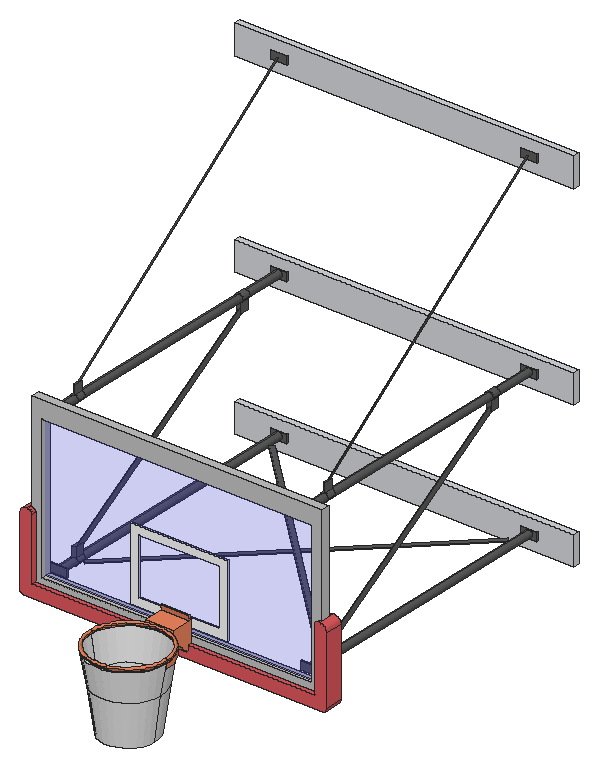
Revit family "Gymnasium-Eqpt_Basketball_IPIbyBison_IP10WB", category Specialty Equipment, Revit 2024
Family settings
  Round Connector Dimension = Use Diameter
  Part Type = Normal
  Work Plane-Based = Yes
  Enable Cutting in Views = No
  Always vertical = No
  Cut with Voids When Loaded = No
  Maintain Annotation Orientation = No
  Shared = No
  Room Calculation Point = No
Parameters (values of type "Wall Mounted Stationary")
  wall distance text = "1 to 10 ft from Wall"
  cablecontrol [instance] = 0' - 8"  # constant formula
  Warranty Duration (Years) = 0
  Unit Width = 7' - 0"
  Unit Height [instance] = Stringer Height_First + 0' 2"  # 10' - 0"
  Unit Depth = 2' - 8"
  URL = "https://ipibybison.com/"
  Stringer Wood [instance] = none
  Stringer Height_Third [instance] = 4' - 0"
  Stringer Height_Second [instance] = 3' - 0"
  Stringer Height_First [instance] = 9' - 10"
  Specification = ""
  SpecWizard = ""
  Send Message = ""
  Sales Information = "https://ipibybison.com/ArchitectsPage.php"
  Rim Color [instance] = Plastic - IPI by Bison - Orange OR
  Revision = "R1_01-2018"
  Range of Wall Distance [instance] = wall distance text  # "1 to 10 ft from Wall"
  Product Properties = ""
  Product Data = "http://www.arcat.com/arcatcos/cos49/arc49571.html"
  Net Color [instance] = Finish - IPI by Bison - White Netting
  Model = "IP10WB"
  Manufacturer Website = "https://ipibybison.com/"
  Manufacturer Phone - Toll Free = "800-637-7968"
  Manufacturer Phone = ""
  Manufacturer Fax = "800-638-0698"
  Manufacturer Address = "603 L St  Lincoln, NE 68508"
  Manufacturer = "IPI by Bison"
  Maintenance Schedule (Months) = 0
  Keynote = ""
  Installation-Fabrication = ""
  Installation Phase = ""
  Green Building-LEED = ""
  Glass [instance] = Glass
  Frame Finish [instance] = Finish - IPI by Bison - Black
  ExtReinforce [instance] = Backboard Distance from Wall > 2' 0"  # yes
  Expected Lifespan (Years) = 0
  Drawn By = "Sumex Design, Inc. / Robert S. Weygant, CSI, CDT, SCIP"
  Description = "IPI by Bison Wall Mounted Fixed Basketball Backboard - IP10WB as Specified"
  Default Elevation = 0' - 0"
  Copyright = "©Arcat Inc."
  Construction Details = ""
  Backboard Square Color [instance] = Finish - IPI by Bison - White
  Backboard Padding Color [instance] = Plastic - IPI by Bison - Scarlet SC
  Backboard Distance from Wall [instance] = 6' - 0"
  Backboard Color [instance] = Finish - IPI by Bison - Satin Aluminum
  Assembly Code = ""
Reference planes (in)
  plane 1 "Center (Front/Back)": y = 0
  plane 2 "Bottom": z = 0
  plane 3 "Center (Left/Right)": x = 0
  plane 4 "Left": x = -42
  plane 5 "Right": x = 42
  plane 6 "Top": z = 120
  plane 7: y = -72
  plane 8: y = -59.5813
  plane 9: z = 118
  plane 10: z = 154
  plane 11: z = 202
  plane 12: x = -31.00488
  plane 13: x = 31.00488
  plane 14: y = -69.5
  plane 15: y = -64
  plane 16: y = -6
Forms (in)
  Extrusion 1, solid, material <- "Stringer Wood"
    sketch origin (0, 0, 0) x (0, 1, 0) y (0, 0, 1)
      loop
        line (0, 198.375) -> (0, 205.625) -> (-1.5, 205.625) -> (-1.5, 198.375) -> (0, 198.375)
      loop
        line (0, 150.375) -> (0, 157.625) -> (-1.5, 157.625) -> (-1.5, 150.375) -> (0, 150.375)
      loop
        line (0, 114.375) -> (0, 121.625) -> (-1.5, 121.625) -> (-1.5, 114.375) -> (0, 114.375)
    from -42 to 42
  Extrusion 2, solid, material "Finish - IPI by Bison - Black" <- "Frame Finish"
    sketch origin (-31.00488, -180, 220.71867) x (0, 0, 1) y (0, -1, 0)
      loop
        line (-67.71867, -110.25) -> (-67.71867, -110.5) -> (-65.71867, -110.5) -> (-65.71867, -110.25) -> (-67.71867, -110.25)
      loop
        line (-101.71867, -110.25) -> (-103.71867, -110.25) -> (-103.71867, -110.5) -> (-101.71867, -110.5) -> (-101.71867, -110.25)
      loop
        line (-67.71867, -178.5) -> (-65.71867, -178.5) -> (-65.71867, -178.25) -> (-67.71867, -178.25) -> (-67.71867, -178.5)
      loop
        line (-103.71867, -178.5) -> (-101.71867, -178.5) -> (-101.71867, -178.25) -> (-103.71867, -178.25) -> (-103.71867, -178.5)
      loop
        line (-19.71867, -178.5) -> (-17.71867, -178.5) -> (-17.71867, -178.25) -> (-19.71867, -178.25) -> (-19.71867, -178.5)
    from 2 to -2
  Extrusion 3, solid, material "Finish - IPI by Bison - Black" <- "Frame Finish"
    sketch origin (31.00488, -180, 220.71867) x (0, 0, 1) y (0, -1, 0)
      loop
        line (-65.71867, -110.25) -> (-67.71867, -110.25) -> (-67.71867, -110.5) -> (-65.71867, -110.5) -> (-65.71867, -110.25)
      loop
        line (-103.71867, -110.25) -> (-103.71867, -110.5) -> (-101.71867, -110.5) -> (-101.71867, -110.25) -> (-103.71867, -110.25)
      loop
        line (-103.71867, -178.25) -> (-103.71867, -178.5) -> (-101.71867, -178.5) -> (-101.71867, -178.25) -> (-103.71867, -178.25)
      loop
        line (-67.71867, -178.25) -> (-67.71867, -178.5) -> (-65.71867, -178.5) -> (-65.71867, -178.25) -> (-67.71867, -178.25)
      loop
        line (-19.71867, -178.25) -> (-19.71867, -178.5) -> (-17.71867, -178.5) -> (-17.71867, -178.25) -> (-19.71867, -178.25)
    from 2 to -2
  Extrusion 4, solid, material "Finish - IPI by Bison - Black" <- "Frame Finish"
    sketch origin (31.00488, -1.75, 153) x (0, 0, 1) y (-1, 0, 0)
      loop
        circle (1, 62.00977) r 0.875
      loop
        circle (-35, 62.00977) r 0.875
      loop
        circle (1, 0) r 0.875
      loop
        circle (-35, 0) r 0.875
    from 0 to 67.75
  Extrusion 5, solid, material "Finish - IPI by Bison - Black" <- "Frame Finish"
    sketch origin (0, -64, 159.04229) x (0, 0, 1) y (1, 0, 0)
      loop
        line (-4.05404, 30.85203) -> (-1.80404, 30.85203) -> (-1.80404, 31.15773) -> (-4.05404, 31.15773)
        arc (-4.05404, 31.15773) -> (-6.04229, 31.00488) -> (-4.05404, 30.85203) r 1
      loop
        arc (-4.05404, -30.85203) -> (-6.04229, -31.00488) -> (-4.05404, -31.15773) r 1
        line (-4.05404, -31.15773) -> (-1.80404, -31.15773) -> (-1.80404, -30.85203) -> (-4.05404, -30.85203)
    from 1 to -1
  Sweep 6, solid, material "Finish - IPI by Bison - Black" <- "Frame Finish"
    path origin (0, 0, 0) x (0, 1, 0) y (0, 0, 1)
      loop
        line (-64, 156.75) -> (-2.09969, 202)
    profile origin (0, -33.04984, 179.375) x (0, -0.590145, 0.807297) y (1, 0, 0)
      loop
        circle (0, -31.00488) r 0.125
      loop
        circle (0, 31.00488) r 0.125
  Extrusion 7, solid, material "Finish - IPI by Bison - Black" <- "Frame Finish", visible <- "ExtReinforce"
    sketch origin (0, -64, 159.04229) x (0, 0, 1) y (1, 0, 0)
      loop
        arc (-40.23514, -30.41453) -> (-42.04229, -31.00488) -> (-40.23514, -31.59523) r 1
        line (-40.23514, -31.59523) -> (-37.80404, -31.59523) -> (-37.80404, -30.41453) -> (-40.23514, -30.41453)
      loop
        line (-40.23514, 30.41453) -> (-37.80404, 30.41453) -> (-37.80404, 31.59523) -> (-40.23514, 31.59523)
        arc (-40.23514, 31.59523) -> (-42.04229, 31.00488) -> (-40.23514, 30.41453) r 1
    from 1 to -1
  Extrusion 8, solid, material "Finish - IPI by Bison - Black" <- "Frame Finish", visible <- "ExtReinforce"
    sketch origin (0, 0, 0) x (1, 0, 0) y (0, 0, 1)
      loop
        line (30.41453, 153.19285) -> (30.41453, 150.76175) -> (31.59523, 150.76175) -> (31.59523, 153.19285)
        arc (31.59523, 153.19285) -> (31.00488, 155) -> (30.41453, 153.19285) r 1
      loop
        arc (-30.41453, 153.19285) -> (-31.00488, 155) -> (-31.59523, 153.19285) r 1
        line (-31.59523, 153.19285) -> (-31.59523, 150.76175) -> (-30.41453, 150.76175) -> (-30.41453, 153.19285)
    from 14 to 12
  Sweep 9, solid, material "Finish - IPI by Bison - Black" <- "Frame Finish", visible <- "ExtReinforce"
    path origin (0, 0, 0) x (0, 1, 0) y (0, 0, 1)
      loop
        line (-64, 120.25) -> (-13.02507, 151.44784)
    profile origin (0, -38.51254, 135.84892) x (0, -0.522016, 0.852935) y (1, 0, 0)
      loop
        line (-0.625, 31.13152) -> (-0.625, 30.88152) -> (0.625, 30.88152) -> (0.625, 31.13152) -> (-0.625, 31.13152)
      loop
        line (-0.625, -31.13152) -> (0.625, -31.13152) -> (0.625, -30.88152) -> (-0.625, -30.88152) -> (-0.625, -31.13152)
  Sweep 10, solid, material "Finish - IPI by Bison - Black" <- "Frame Finish", visible <- "ExtReinforce"
    path origin (0, 0, 0) x (1, 0, 0) y (0, 1, 0)
      loop
        line (-29.25488, -6) -> (29.256, -64)
    profile origin (0.00056, -35, 0) x (0.703999, 0.710201, 0) y (0, 0, 1)
      loop
        line (-0.625, 118) -> (0.625, 118) -> (0.625, 118.25) -> (-0.625, 118.25) -> (-0.625, 118)
  Sweep 11, solid, material "Finish - IPI by Bison - Black" <- "Frame Finish", visible <- "ExtReinforce"
    path origin (0, 0, 0) x (-1, 0, 0) y (0, 1, 0)
      loop
        line (-29.25488, -6) -> (29.256, -64)
    profile origin (-0.00056, -35, 0) x (0.703999, -0.710201, 0) y (0, 0, 1)
      loop
        line (-0.65618, 118) -> (-0.65618, 117.75) -> (0.59382, 117.75) -> (0.59382, 118) -> (-0.65618, 118)
Dimensions and locks (in)
  equal spacing: plane 4 "Left", plane 3 "Center (Left/Right)", plane 5 "Right"
  "Unit Width": plane 4 "Left" to plane 5 "Right"
  "Unit Height": plane 6 "Top" to level
  locked: plane 7 to plane 8 at 12.4187
  "Backboard Distance from Wall": plane 7 to plane 1 "Center (Front/Back)"
  "Stringer Height_First": plane 9 to level
  "Stringer Height_Second": plane 10 to plane 9
  "Stringer Height_Third": plane 11 to plane 10
  Extrusion 1 sketch curve to plane 9 to Extrusion 1 sketch curve = 0' - 3 5/8" locked, 0' - 3 5/8" locked
  Extrusion 1 sketch curve to plane 10 to Extrusion 1 sketch curve = 0' - 3 5/8" locked, 0' - 3 5/8" locked
  Extrusion 1 sketch curve to plane 11 to Extrusion 1 sketch curve = 0' - 3 5/8" locked, 0' - 3 5/8" locked
  Extrusion 2 sketch curve to plane 10 to Extrusion 2 sketch curve = 0' - 1" locked, 0' - 1" locked  (x2)
  plane 7 to Extrusion 2 sketch curve to Extrusion 2 sketch curve = 0' - 2 1/4" locked, 0' - 0 1/4" locked  (x2)
  Extrusion 2 sketch curve to plane 9 to Extrusion 2 sketch curve = 0' - 1" locked, 0' - 1" locked  (x2)
  Extrusion 2 sketch curve to plane 11 to Extrusion 2 sketch curve = 0' - 1" locked, 0' - 1" locked
  equal spacing: plane 13, plane 3 "Center (Left/Right)", plane 12
  locked: plane 13 to plane 12 at 62.00977
  locked: Extrusion 3 sketch curve to Extrusion 3 sketch curve at 0.25  (x5)
  Extrusion 3 sketch curve to plane 10 to Extrusion 3 sketch curve = 0' - 1" locked, 0' - 1" locked  (x2)
  Extrusion 3 sketch curve to plane 9 to Extrusion 3 sketch curve = 0' - 1" locked, 0' - 1" locked  (x2)
  locked: plane 7 to Extrusion 3 sketch curve at 2.25  (x2)
  Extrusion 3 sketch curve to plane 11 to Extrusion 3 sketch curve = 0' - 1" locked, 0' - 1" locked
  locked: Extrusion 4 sketch curve to plane 12 at 0
  locked: Extrusion 4 sketch curve to plane 10 at 0
  locked: plane 12 to Extrusion 4 sketch curve at 0
  locked: plane 9 to Extrusion 4 sketch curve at 0  (x2)
  locked: plane 13 to Extrusion 4 sketch curve at 0
  locked: Extrusion 4 sketch curve to plane 13 at 0
  locked: plane 10 to Extrusion 4 sketch curve at 0
  locked: plane 7 to plane 14 at 2.5
  "cablecontrol": plane 7 to plane 15
  Extrusion 5 sketch curve to plane 13 to Extrusion 5 sketch curve to Extrusion 5 sketch curve = 0' - 0.15285" locked, 0' - 0" locked, 0' - 0.15285" locked
  Extrusion 5 sketch curve to plane 12 to Extrusion 5 sketch curve to Extrusion 5 sketch curve = 0' - 0.15285" locked, 0' - 0" locked, 0' - 0.15285" locked
  Extrusion 5 sketch curve to plane 10 to Extrusion 5 sketch curve = 0' - 3.23825" locked, 0' - 0" locked  (x2)
  locked: Sweep 6 sketch curve to plane 1 "Center (Front/Back)" at 2.09969
  locked: plane 11 to Sweep 6 sketch curve at 0
  locked: Sweep 6 sketch curve to plane 10 at 2.75
  locked: plane 15 to Sweep 6 sketch curve
  Extrusion 7 sketch curve to plane 9 to Extrusion 7 sketch curve = 0' - 3.23825" locked, 0' - 0" locked  (x2)
  Extrusion 7 sketch curve to plane 12 to Extrusion 7 sketch curve to Extrusion 7 sketch curve = 0' - 0.59035" locked, 0' - 0" locked, 0' - 0.59035" locked
  Extrusion 7 sketch curve to plane 13 to Extrusion 7 sketch curve to Extrusion 7 sketch curve = 0' - 0.59035" locked, 0' - 0" locked, 0' - 0.59035" locked
  plane 10 to Extrusion 8 sketch curve to Extrusion 8 sketch curve = 0' - 0" locked, 0' - 3.23825" locked  (x2)
  locked: plane 10 to Sweep 9 sketch curve at 2.55216
  locked: Sweep 9 sketch curve to plane 1 "Center (Front/Back)" at 13.02507
  locked: plane 15 to Sweep 9 sketch curve at 0
  locked: Sweep 9 sketch curve to plane 9 at 2.25
  locked: Extrusion 3 sketch curve to plane 1 "Center (Front/Back)" at 1.5
  locked: plane 16 to plane 1 "Center (Front/Back)" at 6
  locked: plane 12 to Sweep 10 sketch curve at 1.75
  locked: Sweep 10 sketch curve to plane 13 at 1.74888
  Sweep 10 sketch curve to plane 9 to Sweep 10 sketch curve = 0' - 0 1/4" locked, 0' - 0" locked
  locked: Sweep 11 sketch curve to plane 13 at 1.75
  locked: plane 12 to Sweep 11 sketch curve at 1.74888
  plane 9 to Sweep 11 sketch curve to Sweep 11 sketch curve = 0' - 0" locked, 0' - 0 1/4" locked
  aligned and locked: nested 1 to plane 8
  aligned and locked: Extrusion 1 to plane 4 "Left"
  aligned and locked: plane 5 "Right" to Extrusion 1
  aligned and locked: plane 14 to Extrusion 4
  aligned and locked: plane 16 to Sweep 10 sketch curve
  aligned and locked: plane 15 to Sweep 10 sketch curve
  aligned and locked: plane 16 to Sweep 11 sketch curve
  aligned and locked: plane 15 to Sweep 11 sketch curve
Automatic sketch dimensions
  plane 10 to Extrusion 5 sketch curve = 0' - 0.98825"  (x2)
  Sweep 6 sketch curve to profile plane = 0' - 0"  (x2)
  Sweep 6 sketch curve to plane 3 "Center (Left/Right)" = 2' - 7.00488"
  plane 3 "Center (Left/Right)" to Sweep 6 sketch curve = 2' - 7.00488"
  plane 9 to Extrusion 7 sketch curve = 0' - 0.80715"  (x2)
  Extrusion 8 sketch curve to plane 12 = 0' - 0"
  Extrusion 8 sketch curve to plane 13 = 0' - 0"
  Extrusion 8 sketch curve to plane 12 = 0' - 0.59035"
  plane 12 to Extrusion 8 sketch curve = 0' - 0.59035"
  Extrusion 8 sketch curve to plane 13 = 0' - 0.59035"
  plane 13 to Extrusion 8 sketch curve = 0' - 0.59035"
  Extrusion 8 sketch curve to plane 10 = 0' - 0.80715"  (x2)
  profile plane to Sweep 9 sketch curve = 0' - 0 5/8"  (x2)
  Sweep 9 sketch curve to profile plane = 0' - 0 5/8"  (x2)
  Sweep 9 sketch curve to plane 3 "Center (Left/Right)" = 2' - 7.13152"
  Sweep 9 sketch curve to Sweep 9 sketch curve = 0' - 0 1/4"  (x2)
  plane 3 "Center (Left/Right)" to Sweep 9 sketch curve = 2' - 6.88152"
  profile plane to Sweep 10 sketch curve = 0' - 0 5/8"
  Sweep 10 sketch curve to profile plane = 0' - 0 5/8"
  Extrusion 1 sketch curve to plane 1 "Center (Front/Back)" = 0' - 0"  (x3)
  plane 1 "Center (Front/Back)" to Extrusion 1 sketch curve = 0' - 1 1/2"  (x3)
  plane 1 "Center (Front/Back)" to Extrusion 2 sketch curve = 0' - 1 3/4"  (x3)
  Extrusion 2 sketch curve to Extrusion 2 sketch curve = 0' - 0 1/4"  (x3)
  plane 1 "Center (Front/Back)" to Extrusion 3 sketch curve = 0' - 1 1/2"  (x2)
  Sweep 11 sketch curve to Sweep 11 sketch curve = 0' - 1 1/4"
  profile plane to Sweep 11 sketch curve = 0' - 0.65618"
  radius of Sweep 6 sketch curve = 0' - 0 1/8"  (x2)
  radius of Extrusion 4 sketch curve = 0' - 0 7/8"  (x4)
Nested families (in)
  nested 1: "Backboard_BA42XLGlass" at (0, -59.5813, 120) x (-1, 0, 0) z (0, 0, 1), backboard color <- "Backboard Color", backboard square color <- "Backboard Square Color", glass <- "Glass", rim finish <- "Rim Color", net color <- "Net Color", height offset <- "Unit Height", padding color <- "Backboard Padding Color", type "Backboard_BA42XLGlass"
    with rim finish Plastic - IPI by Bison - Orange OR, padding color Plastic - IPI by Bison - Scarlet SC, net color Finish - IPI by Bison - White Netting, height offset 10' - 0", glass Glass, frame finish none, backboard square color Finish - IPI by Bison - White, backboard color Finish - IPI by Bison - Satin Aluminum
Definition of nested family "Backboard_BA42XLGlass"
  Parameters (values of type "Backboard_BA42XLGlass")
    padding color [instance] = none
    net color [instance] = none
    rim finish [instance] = none
    height offset [instance] = 9' - 6"
    glass [instance] = none
    frame finish [instance] = none
    backboard square color [instance] = none
    backboard color [instance] = none
    Default Elevation = 4' - 0"
  Reference planes (in)
    plane 1 "Center (Front/Back)": y = 0
    plane 2: z = 0
    plane 3 "Center (Left/Right)": x = 0
    plane 4: z = -114
  Forms (in)
    Extrusion 1, solid, material <- "backboard color"
      sketch origin (-8.43545, 11.2937, 28.94441) x (1, 0, 0) y (0, 0, 1)
        loop
          line (-27.56455, 6.99989) -> (-27.56455, -35.00011) -> (44.43545, -35.00011) -> (44.43545, 6.99989) -> (-27.56455, 6.99989)
        loop
          line (41.81045, 2.74989) -> (-24.93955, 2.74989) -> (-24.93955, -32.37511) -> (41.81045, -32.37511) -> (41.81045, 2.74989)
      from 1.125 to -1.125
    Extrusion 2, solid, material <- "padding color"
      sketch origin (-8.43545, 11.2937, 29.06941) x (1, 0, 0) y (0, 0, 1)
        loop
          line (-27.55038, -17.62511) -> (-27.80038, -17.62511)
          arc (-27.80038, -17.62511) -> (-29.03781, -18.13767) -> (-29.55038, -19.37511) r 1.75
          line (-29.55038, -19.37511) -> (-29.55038, -36.12511)
          arc (-29.55038, -36.12511) -> (-29.25748, -36.83222) -> (-28.55038, -37.12511) r 1
          line (-28.55038, -37.12511) -> (45.44962, -37.12511)
          arc (45.44962, -37.12511) -> (46.15673, -36.83222) -> (46.44962, -36.12511) r 1
          line (46.44962, -36.12511) -> (46.44962, -19.37511)
          arc (46.44962, -19.37511) -> (45.93706, -18.13767) -> (44.69962, -17.62511) r 1.75
          line (44.69962, -17.62511) -> (44.42127, -17.62511)
          arc (44.42127, -17.62511) -> (43.71416, -17.918) -> (43.42127, -18.62511) r 1
          line (43.42127, -18.62511) -> (43.42127, -33.98376) -> (-26.55038, -33.98376) -> (-26.55038, -18.62511)
          arc (-26.55038, -18.62511) -> (-26.84327, -17.918) -> (-27.55038, -17.62511) r 1
      from -2.18697 to 2.14819
    Revolve 3, solid, material <- "net color"
      sketch origin (-8.43545, 27.4812, 28.93687) x (1, 0, 0) y (0, 0, 1)
        loop
          circle (-0.85808, -29.24642) r 0.3125
        loop
          line (-1.03195, -29.9762) -> (0.27041, -37.36226) -> (1.80132, -48.25521) -> (2.05377, -48.25521) -> (0.51737, -37.32314) -> (-0.77809, -29.9762) -> (-1.03195, -29.9762)
        axis (8.43545, -48.25521) -> (8.43545, -29.24642)
      angle from 0 to 360
    Revolve 4, solid, material <- "rim finish"
      sketch origin (0.02792, 11.2937, 0) x (0, 1, 0) y (0, 0, 1)
        loop
          line (6.79001, -0.625) -> (6.54001, -0.625) -> (6.54001, -2.125) -> (6.79001, -2.125) -> (6.79001, -0.625)
        axis (16.04001, -2.125) -> (16.04001, -0.625)
      angle from -90 to 90
    Extrusion 5, solid, material <- "rim finish"
      sketch origin (0, 0, 0) x (0, 1, 0) y (0, 0, 1)
        loop
          line (17.69724, 0) -> (12.8212, 0) -> (13.12361, 1.21287) -> (12.79369, 1.29513) -> (12.47078, 0) -> (12.47078, -6.5) -> (13.63137, -6.5) -> (17.69724, -2.43414) -> (17.69724, 0)
      from -3.50075 to 3.49925
    Extrusion 6, solid, material <- "backboard square color"
      sketch origin (0.02792, 11.2937, 0) x (1, 0, 0) y (0, 0, 1)
        loop
          line (-12.02792, 16.0023) -> (-12.02792, -1.9977) -> (11.97208, -1.9977) -> (11.97208, 16.0023) -> (-12.02792, 16.0023)
        loop
          line (-10.02792, 14.0023) -> (-10.02792, 0) -> (9.97208, 0) -> (9.97208, 14.0023) -> (-10.02792, 14.0023)
      from -0.44333 to 0.05679
    Extrusion 7, solid, material <- "glass"
      sketch origin (0.02792, 11.2937, 0) x (1, 0, 0) y (0, 0, 1)
        loop
          line (-33.40292, 31.6943) -> (-33.40292, -3.4307) -> (33.34708, -3.4307) -> (33.34708, 31.6943) -> (-33.40292, 31.6943)
      from -0.405 to 0
  Lines and regions (in)
    model lines
      curve 1: line (-0.00075, 0, 0) -> (-0.00075, 0, -114)
  Dimensions and locks (in)
    "height offset": level to plane 4
    aligned and locked: plane 2 to level
    aligned and locked: plane 4 to curve 1
  Automatic sketch dimensions
    curve 1 to level = 0' - 0"
    curve 1 to plane 3 "Center (Left/Right)" = 0' - 0.00075"
    Extrusion 1 sketch curve to plane 3 "Center (Left/Right)" = 3' - 0"
    Extrusion 1 sketch curve to Extrusion 1 sketch curve = 0' - 2 5/8"  (x2)
    plane 3 "Center (Left/Right)" to Extrusion 1 sketch curve = 2' - 9 3/8"
    Extrusion 1 sketch curve to level = 0' - 6.0557"
    Extrusion 1 sketch curve to level = 0' - 3.4307"
    level to Extrusion 1 sketch curve = 2' - 7.6943"
    Extrusion 1 sketch curve to Extrusion 1 sketch curve = 0' - 4 1/4"
    level to Extrusion 2 sketch curve = 0' - 9.6943"
    Extrusion 2 sketch curve to plane 3 "Center (Left/Right)" = 3' - 1.98582"
    Extrusion 2 sketch curve to Extrusion 2 sketch curve = 0' - 1"  (x4)
    Extrusion 2 sketch curve to Extrusion 2 sketch curve = 0' - 1 3/4"
    Extrusion 2 sketch curve to Extrusion 2 sketch curve = 0' - 0 1/4"
    level to Extrusion 2 sketch curve = 0' - 10.4443"
    plane 3 "Center (Left/Right)" to Extrusion 2 sketch curve = 2' - 10.98582"
    Extrusion 2 sketch curve to Extrusion 2 sketch curve = 0' - 0.27835"
    Extrusion 2 sketch curve to Extrusion 2 sketch curve = 0' - 2.02835"
    Extrusion 2 sketch curve to level = 0' - 4.91435"
    Extrusion 2 sketch curve to Extrusion 2 sketch curve = 0' - 2.14135"
    Revolve 3 sketch curve to plane 3 "Center (Left/Right)" = 0' - 0"
    Revolve 3 sketch curve to plane 3 "Center (Left/Right)" = 0' - 6.38167"
    Revolve 3 sketch curve to Revolve 3 sketch curve = 0' - 0.25246"
    Revolve 3 sketch curve to plane 3 "Center (Left/Right)" = 0' - 7.91808"
    Revolve 3 sketch curve to Revolve 3 sketch curve = 0' - 0.24696"
    Revolve 3 sketch curve to level = 0' - 1.03933"
    Revolve 3 sketch curve to Revolve 3 sketch curve = 0' - 1.0485"
    Revolve 3 sketch curve to level = 0' - 0.30954"
    Revolve 3 sketch curve to Revolve 3 sketch curve = 0' - 0.07999"
    Revolve 3 sketch curve to Revolve 3 sketch curve = 0' - 0.25386"
    Revolve 3 sketch curve to Revolve 3 sketch curve = 0' - 7.34694"
    Revolve 3 sketch curve to Revolve 3 sketch curve = 0' - 0.03911"
    Revolve 3 sketch curve to Revolve 3 sketch curve = 0' - 10.89295"
    Revolve 3 sketch curve to level = 0' - 0.00754"
    level to Revolve 3 sketch curve = 0' - 2.99246"
    Revolve 4 sketch curve to level = 0' - 2 1/8"
    Revolve 4 sketch curve to plane 1 "Center (Front/Back)" = 1' - 5.83371"
    Revolve 4 sketch curve to Revolve 4 sketch curve = 0' - 0 1/4"
    Revolve 4 sketch curve to level = 0' - 0 5/8"  (x2)
    Revolve 4 sketch curve to Revolve 4 sketch curve = 0' - 9 1/4"
    level to Revolve 4 sketch curve = 0' - 3 1/8"
    Extrusion 5 sketch curve to level = 0' - 0"  (x2)
    Extrusion 5 sketch curve to plane 1 "Center (Front/Back)" = 1' - 0.47078"
    level to Extrusion 5 sketch curve = 0' - 1.29513"
    Extrusion 5 sketch curve to Extrusion 5 sketch curve = 0' - 0.32291"
    Extrusion 5 sketch curve to Extrusion 5 sketch curve = 0' - 0.35043"
    Extrusion 5 sketch curve to Extrusion 5 sketch curve = 0' - 1.16059"
    Extrusion 5 sketch curve to Extrusion 5 sketch curve = 0' - 4.57363"
    Extrusion 5 sketch curve to Extrusion 5 sketch curve = 0' - 2.43414"
    Extrusion 5 sketch curve to Extrusion 5 sketch curve = 0' - 6 1/2"
    Extrusion 6 sketch curve to level = 0' - 0"
    Extrusion 6 sketch curve to level = 0' - 1.9977"
    Extrusion 6 sketch curve to plane 3 "Center (Left/Right)" = 1' - 0"
    Extrusion 6 sketch curve to Extrusion 6 sketch curve = 0' - 2"  (x3)
    plane 3 "Center (Left/Right)" to Extrusion 6 sketch curve = 0' - 10"
    Extrusion 6 sketch curve to Extrusion 6 sketch curve = 1' - 2.0023"
    Extrusion 7 sketch curve to plane 3 "Center (Left/Right)" = 2' - 9 3/8"
    Extrusion 7 sketch curve to level = 0' - 3.4307"
    plane 3 "Center (Left/Right)" to Extrusion 7 sketch curve = 2' - 9 3/8"
    level to Extrusion 7 sketch curve = 2' - 7.6943"
    radius of Revolve 3 sketch curve = 0' - 0 5/16"
